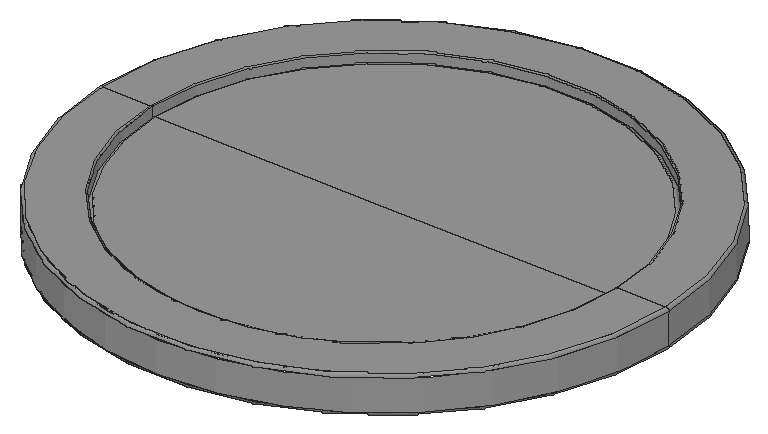
Revit family "SLEEKCAKE LED LIGHT", category Lighting Fixtures, host Face, Revit 2020
Family settings
  Host = Face
  Round Connector Dimension = Use Diameter
  Part Type = Normal
  Cut with Voids When Loaded = No
  Light Source = Yes
  Shared = No
  Room Calculation Point = No
Parameters (values of type "SKC15R-17LM-SW804-HL")
  Wattage = 11.4446 W
  WATTS = 25 W
  built-in parameter 1150110 = 1 (stored number, unit not read)
  Voltage = 120 V
  URL = "https://www.abovealllighting.com/Product/LED-INDOOR-FIXTURE/Surface/SleekCakeLEDLight.html"
  Type Comments = "SLEEKCAKE LED LIGHT"  # constant formula
  built-in parameter 1114217 = 1 (stored number, unit not read)
  Tilt Angle = -90.00°
  built-in parameter 1150109 = 1 (stored number, unit not read)
  built-in parameter 1150134 = (empty or 0)
  built-in parameter 1150113 = 1 (stored number, unit not read)
  Photometric Web File = "SKC15R-17LM-SW804-HL_(3000K).ies"
  Outer Diameter = 14.57"
  Order number = "16573"
  Model = "SKC15R-17LM-SW804-HL"
  Manufacturer = "Above All Lighting"  # constant formula
  built-in parameter 1150105 = 135.28 (stored number, unit not read)
  Lumens = 1700 lm
  built-in parameter 1150115 = 1 (stored number, unit not read)
  built-in parameter 1150137 = (empty or 0)
  built-in parameter 1150139 = (empty or 0)
  built-in parameter 1150112 = 1 (stored number, unit not read)
  built-in parameter 1150114 = 1 (stored number, unit not read)
  Lamp = "LED"
  Inner Diameter = 11.89"
  built-in parameter 1150132 = 2
  built-in parameter 1150102 = (empty or 0)
  built-in parameter 1150107 = 3000 (stored number, unit not read)
  built-in parameter 1150138 = (empty or 0)
  built-in parameter 1150106 = 1.3528 (stored number, unit not read)
  IP Rating = "20"  # constant formula
  H2 = 1.97"
  H1 = 0.94"
  GLASS = BULB MATERIAL
  Finish/Color = WHITE
  built-in parameter 1150104 = 13.8 (stored number, unit not read)
  Dimming Lamp Color Temperature Shift = <None>
  Dimming / Control Comments = "Triac"
  Description = "The SleekCake led light is with Edge-lit technology features even illumination and glare free with \r\nmultiple size from 5 to 15 inches. Low profile appearance design solves the problem of limited \r\nplenum space. Ideal for Kitchens, Bathrooms, Hotels, Pools, Restaurants,Showers, Fitness Clubs, \r\nShowcases can also be used in a Night Club or on Staircases."  # constant formula
  Default Elevation = 48.00"
  Cutting Radius = Outer Diameter / 2  # 7.285"
  Color Filter = 16777215
  CRI = "80"  # constant formula
  built-in parameter 1114218 = 1 (stored number, unit not read)
  Average life based on 77F(HRS) = "50000"  # constant formula
  built-in parameter 1150133 = 10 (stored number, unit not read)
  Apparent Load = WATTS / 0.8  # 31.25 VA
Types (9): name | Wattage | WATTS | Photometric Web File | Outer Diameter | Order number | Model | built-in parameter 1150105 | Lumens | Inner Diameter | built-in parameter 1150106 | H2 | H1 | Cutting Radius | Apparent Load
  (no name) | 11.4446 W | 25 W | "SKC15R-17LM-SW804-HL_(3000K).ies" | 14.57" | "16573" | "SKC15R-17LM-SW804-HL" | 135.28 (stored number, unit not read) | 1700 lm | 11.89" | 1.3528 (stored number, unit not read) | 1.97" | 0.94" | 7.285" | 31.25 VA
  SKC05R-05LM-SW804-HL | 3.70266 W | 7 W | "SKC05R-05LM-SW804-HL,_3000K.ies" | 6.14" | "16566" | "SKC05R-05LM-SW804-HL" | 43.768 (stored number, unit not read) | 550 lm | 4.76" | 0.43768 (stored number, unit not read) | 1.90" | 0.80" | 3.07" | 8.75 VA
  SKC05R-06LM-SW804-HL | 4.37587 W | 9 W | "SKC05R-06LM-SW804-HL,_3000K.ies" | 6.14" | "16567" | "SKC05R-06LM-SW804-HL" | 51.725 (stored number, unit not read) | 650 lm | 4.76" | 0.51725 (stored number, unit not read) | 1.90" | 0.80" | 3.07" | 11.25 VA
  SKC07R-06LM-SW804-HL | 4.37587 W | 9 W | "SKC07R-11LM-SW804-HL_(3000K).ies" | 7.08" | "16568" | "SKC07R-06LM-SW804-HL" | 51.725 (stored number, unit not read) | 650 lm | 5.67" | 0.51725 (stored number, unit not read) | 1.90" | 0.80" | 3.54" | 11.25 VA
  SKC07R-09LM-SW804-HL | 6.3955 W | 12 W | "SKC07R-11LM-SW804-HL_(3000K).ies" | 7.08" | "16569" | "SKC07R-09LM-SW804-HL" | 75.599 (stored number, unit not read) | 950 lm | 5.67" | 0.75599 (stored number, unit not read) | 1.90" | 0.80" | 3.54" | 15 VA
  SKC07R-11LM-SW804-HL | 7.40531 W | 14 W | "SKC07R-11LM-SW804-HL_(3000K).ies" | 7.08" | "16570" | "SKC07R-11LM-SW804-HL" | 87.535 (stored number, unit not read) | 1100 lm | 5.67" | 0.87535 (stored number, unit not read) | 1.90" | 0.80" | 3.54" | 17.5 VA
  SKC09R-13LM-SW804-HL | 8.75174 W | 17 W | "SKC09R-13LM-SW804-HL_(3000K).ies" | 8.86" | "16571" | "SKC09R-13LM-SW804-HL" | 103.45 (stored number, unit not read) | 1300 lm | 7.44" | 1.0345 (stored number, unit not read) | 1.90" | 0.80" | 4.43" | 21.25 VA
  SKC12R-15LM-SW804-HL | 10.0982 W | 21 W | "SKC12R-15LM-SW804-HL_(3000K).ies" | 11.61" | "16572" | "SKC12R-15LM-SW804-HL" | 119.37 (stored number, unit not read) | 1500 lm | 10.04" | 1.1937 (stored number, unit not read) | 1.97" | 0.80" | 5.805" | 26.25 VA
  SKC15R-17LM-SW804-HL | 11.4446 W | 25 W | "SKC15R-17LM-SW804-HL_(3000K).ies" | 14.57" | "16573" | "SKC15R-17LM-SW804-HL" | 135.28 (stored number, unit not read) | 1700 lm | 11.89" | 1.3528 (stored number, unit not read) | 1.97" | 0.94" | 7.285" | 31.25 VA
Reference planes (in)
  plane 1 "Center (Front/Back)": y = 0
  plane 2: z = 0
  plane 3 "Center (Left/Right)": x = 0
  plane 4: x = -5.945
  plane 5: x = 5.945
  plane 6: x = -7.285
  plane 7: x = 7.285
  plane 8: z = -0.94
  plane 9: z = -1.97
Forms (in)
  Extrusion 1, void
    sketch origin (0, 0, 0) x (1, 0, 0) y (0, 1, 0)
      loop
        circle (0, 0) r 7.285
    from -1.97 to 0
Dimensions and locks (in)
  equal spacing: plane 4, plane 3 "Center (Left/Right)", plane 5
  "Inner Diameter": plane 4 to plane 5
  equal spacing: plane 6, plane 3 "Center (Left/Right)", plane 7
  "Outer Diameter": plane 6 to plane 7
  "H2": plane 2 to plane 9
  "H1": plane 2 to plane 8
  "Cutting Radius": radius of Extrusion 1 sketch curve
  aligned and locked: plane 2 to host face
  aligned and locked: level to host face
  aligned and locked: plane 3 "Center (Left/Right)" to nested 1
  aligned and locked: plane 2 to nested 1
  aligned and locked: plane 1 "Center (Front/Back)" to nested 1
  aligned and locked: Extrusion 1 to plane 9
  aligned and locked: plane 2 to Extrusion 1
  aligned and locked: plane 3 "Center (Left/Right)" to imposter light
Automatic sketch dimensions
  host sketch curve to host sketch curve = 96.00"  (x2)
  plane 1 "Center (Front/Back)" to Extrusion 1 sketch curve = 0.00"
  Extrusion 1 sketch curve to plane 3 "Center (Left/Right)" = 0.00"
Nested families (in)
  nested 1: "SLEEKCAKE LED NESTED FAMILY" at (0, 0, -1.97), H1 <- "H1", H2 <- "H2", Inner Diameter <- "Inner Diameter", Outer Diameter <- "Outer Diameter", Body Material <- "Finish/Color", GLASS <- "GLASS", type "SLEEKCAKE LED NESTED FAMILY"
    with Outer Diameter 14.57", Inner Diameter 11.89", H2 1.97", H1 0.94", GLASS BULB MATERIAL, Body Material WHITE
Connectors (in)
  electrical at (0, 0, 0), driven by "Voltage", driven by "Apparent Load"
    settings: on host face, index 1, voltage 120 V, apparent load 31.25 VA, apparent load phase1 0 VA, apparent load phase2 0 VA, apparent load phase3 0 VA, power factor 1, load classification "Lighting", number of poles 1, system type 30, power factor state 1, is connector primary yes, connector utility no, sub classification motor no, connector description ""
Definition of nested family "SLEEKCAKE LED NESTED FAMILY"
  Parameters (values of type "SLEEKCAKE LED NESTED FAMILY")
    Outer Diameter [instance] = 6.14"
    Inner Diameter [instance] = 4.76"
    H2 [instance] = 1.90"
    H1 [instance] = 0.80"
    GLASS [instance] = none
    Default Elevation = 0.00"
    Body Material [instance] = none
  Reference planes (in)
    plane 1 "Center (Front/Back)": y = 0
    plane 2: z = 0
    plane 3 "Center (Left/Right)": x = 0
    plane 4: z = 1.9
    plane 5: z = 1.1
    plane 6: x = -2.38
    plane 7: x = 2.38
    plane 8: x = -3.07
    plane 9: x = 3.07
    plane 10: z = 0.12243
    plane 11: z = 1.40122
  Forms (in)
    Revolve 1, solid, material <- "Body Material"
      sketch origin (0, 0, 0) x (1, 0, 0) y (0, 0, 1)
        loop
          line (0, 1.1) -> (-1.10409, 1.1) -> (-1.10409, 0.30892)
          arc (-1.10409, 0.30892) -> (-1.04946, 0.17705) -> (-0.91759, 0.12243) r 0.18649
          line (-0.91759, 0.12243) -> (0, 0.12243) -> (0, 1.1)
        axis (0, 1.1) -> (0, 0.12243)
      angle from 0 to 360
    Extrusion 2, solid, material <- "Body Material"
      sketch origin (-1.17188, 0, 0) x (1, 0, 0) y (0, 1, 0)
        loop
          line (0.83234, 0) -> (0.70734, 0.21651) -> (0.45734, 0.21651) -> (0.33234, 0) -> (0.45734, -0.21651) -> (0.70734, -0.21651) -> (0.83234, 0)
      from 0 to 0.12243
    Revolve 3, solid, material <- "Body Material"
      sketch origin (0, 0, 0) x (1, 0, 0) y (0, 0, 1)
        loop
          line (-2.40822, 1.9) -> (-2.99813, 1.9)
          arc (-2.99813, 1.9) -> (-3.04895, 1.87895) -> (-3.07, 1.82813) r 0.07187
          line (-3.07, 1.82813) -> (-3.07, 1.17031)
          arc (-3.07, 1.17031) -> (-3.04941, 1.12059) -> (-2.99969, 1.1) r 0.07031
          line (-2.99969, 1.1) -> (0, 1.1) -> (0, 1.4) -> (-2.38, 1.4) -> (-2.38, 1.87178)
          arc (-2.38, 1.87178) -> (-2.38827, 1.89173) -> (-2.40822, 1.9) r 0.02822
        axis (0, 1.9) -> (0, 1.1)
      angle from 0 to 360
    Revolve 4, solid, material <- "GLASS"
      sketch origin (0, 0, 0) x (1, 0, 0) y (0, 0, 1)
        loop
          line (0, 1.40122) -> (0, 1.81828) -> (-2.27652, 1.81828)
          arc (-2.27652, 1.81828) -> (-2.34969, 1.78797) -> (-2.38, 1.7148) r 0.10348
          line (-2.38, 1.7148) -> (-2.38, 1.40122) -> (0, 1.40122)
        axis (0, 1.81828) -> (0, 1.40122)
      angle from 0 to 360
  Dimensions and locks (in)
    "H1": plane 4 to plane 5
    "H2": plane 4 to plane 2
    equal spacing: plane 7, plane 3 "Center (Left/Right)", plane 6
    "Inner Diameter": plane 7 to plane 6
    equal spacing: plane 9, plane 3 "Center (Left/Right)", plane 8
    "Outer Diameter": plane 9 to plane 8
    locked: plane 10 to plane 2 at 0.12243
    locked: Revolve 3 sketch curve to Revolve 3 sketch curve at 0.3
    locked: plane 11 to plane 5 at 0.30122
    locked: Revolve 4 sketch curve to Revolve 3 at 0.41828
    aligned and locked: plane 2 to level
    aligned and locked: plane 5 to Revolve 1 sketch curve
    aligned and locked: Revolve 1 sketch curve to plane 3 "Center (Left/Right)"
    aligned and locked: Extrusion 2 to plane 2
    aligned and locked: Revolve 1 sketch curve to plane 10
    aligned and locked: plane 10 to Extrusion 2
    aligned and locked: plane 8 to Revolve 3 sketch curve
    aligned and locked: plane 5 to Revolve 3 sketch curve
    aligned and locked: Revolve 3 sketch curve to plane 6
    aligned and locked: plane 4 to Revolve 3 sketch curve
    aligned and locked: Revolve 3 sketch curve to plane 3 "Center (Left/Right)"  (x2)
    aligned and locked: Revolve 4 sketch curve to plane 3 "Center (Left/Right)"  (x2)
    aligned and locked: plane 11 to Revolve 4 sketch curve
    aligned and locked: plane 6 to Revolve 4 sketch curve
  Automatic sketch dimensions
    Revolve 1 sketch curve to plane 3 "Center (Left/Right)" = 0.00"
    Revolve 1 sketch curve to plane 3 "Center (Left/Right)" = 0.91759"
    Revolve 1 sketch curve to Revolve 1 sketch curve = 0.18649"
    Revolve 1 sketch curve to plane 5 = 0.48803"
    Revolve 1 sketch curve to Revolve 1 sketch curve = 0.25"
    plane 1 "Center (Front/Back)" to Extrusion 2 sketch curve = 0.00"  (x2)
    plane 1 "Center (Front/Back)" to Extrusion 2 sketch curve = 0.21651"
    Extrusion 2 sketch curve to plane 1 "Center (Front/Back)" = 0.21651"
    Extrusion 2 sketch curve to plane 3 "Center (Left/Right)" = 0.83953"
    Extrusion 2 sketch curve to Extrusion 2 sketch curve = 0.125"  (x3)
    Extrusion 2 sketch curve to Extrusion 2 sketch curve = 0.25"  (x2)
    Revolve 3 sketch curve to plane 4 = 0.00"
    plane 8 to Revolve 3 sketch curve = 0.07031"
    plane 8 to Revolve 3 sketch curve = 0.07187"
    Revolve 3 sketch curve to plane 6 = 0.02822"
    Revolve 3 sketch curve to Revolve 3 sketch curve = 0.50"
    plane 6 to Revolve 4 sketch curve = 0.10348"
    plane 5 to Revolve 4 sketch curve = 0.07382"
    Revolve 4 sketch curve to Revolve 4 sketch curve = 0.18509"
